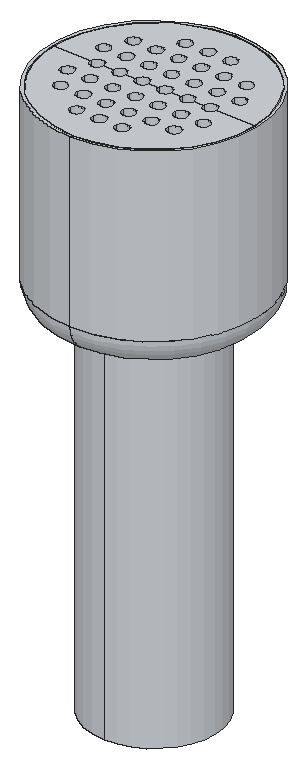
Revit family "RS425.70.4.129", category Sanitärinstallationen, Revit 2020
Family settings
  Bemaßung runder Anschluss = Durchmesser verwenden
  Teiletyp = Normal
  Arbeitsebenenbasiert = Nein
  Immer vertikal = Ja
  Beim Laden mit Abzugskörper schneiden = Nein
  Gemeinsam genutzt = Nein
  Raumberechnungspunkt = Nein
Parameters (values of type "DN70")
  Übergangsbride [instance] = no
  Vorgabe-Ansicht = 0 mm
  URL = "https://www.resitec.ch/"
  RS_s001 = 3 mm
  RS_dimH-Rost [instance] = RS_Rost_h1 - 38 mm  # 279 mm
  RS_dim001 = 122 mm
  RS_dim002 = RS_dim001  # 122 mm
  RS_dim003 = 25 mm
  RS_dia002 = 130 mm
  RS_dia001 = 129 mm
  RS_DVol-T = 300 mm
  RS_DVol-L = 300 mm
  RS_DN2 = 0 mm
  RS_DN1d = 76.1 mm
  RS_DN1 = 70 mm
  RS_AVol-T = 129 mm
  RS_AVol-L = 129 mm
  RS_AVol-H = 200 mm
  RS_URL = "https://resitec.ch/entwaesserungstechnik/glockensifons/?tx_resitecprodukte_produktliste%5Bprodukt%5D=71&tx_resitecprodukte_produktliste%5Baction%5D=show&tx_resitecprodukte_produktliste%5Bcontroller%5D=Produkt&cHash=81896261f04a31d1bb8fc8234e01d3bc"
  RS_Rost_h1 [instance] = 317 mm
  RS_Rost_Typ [instance] = "RS511.2.145"
  RS_Manufacture = "Resitec"  # constant formula
  RS_Description [instance] = "Glockensifon aus rostfreiem Stahl 1.4404 gebeizt, Typ RS 425/70, bestehend aus: Ablaufteil mit Abgang ø 63.5 mm, vertikal Lochrost 4 mm ø 124 mm aus rostfreiem Stahl 1.4301 gebeizt mit angeschweisster Glocke, barfuss begehbar und mit Rollstuhl befahrbar"  # constant formula
  RS_Articelnumber [instance] = "RS425.70.4.129"
  RS_Add_1 [instance] = ""
  Rückstaudichtung RS644.60 [instance] = no
  Höhe [instance] = 345 mm
  Hersteller = RS_Manufacture  # "Resitec"
  Description = ""
  Baugruppenkennzeichen = "D2030300"
  Anschlusswert DU L/s = 0
Types (4, lengths in mm): name | RS_DN1d | RS_DN1 | RS_URL | RS_Articelnumber
  (no name) | 76.1 | 70 | "https://resitec.ch/entwaesserungstechnik/glockensifons/?tx_resitecprodukte_produktliste%5Bprodukt%5D=71&tx_resitecprodukte_produktliste%5Baction%5D=show&tx_resitecprodukte_produktliste%5Bcontroller%5D=Produkt&cHash=81896261f04a31d1bb8fc8234e01d3bc" | "RS425.70.4.129"
  DN40 | 48 | 40 | "https://resitec.ch/entwaesserungstechnik/bodenablauf/?tx_resitecprodukte_produktliste%5Bprodukt%5D=1&tx_resitecprodukte_produktliste%5Baction%5D=show&tx_resitecprodukte_produktliste%5Bcontroller%5D=Produkt&cHash=cee8b11d3745fbe960417df4e1698a16" | "RS425.60.4.129"
  DN60 | 63 | 60 | "https://resitec.ch/entwaesserungstechnik/glockensifons/?tx_resitecprodukte_produktliste%5Bprodukt%5D=71&tx_resitecprodukte_produktliste%5Baction%5D=show&tx_resitecprodukte_produktliste%5Bcontroller%5D=Produkt&cHash=81896261f04a31d1bb8fc8234e01d3bc" | "RS425.60.4.129"
  DN70 | 76.1 | 70 | "https://resitec.ch/entwaesserungstechnik/glockensifons/?tx_resitecprodukte_produktliste%5Bprodukt%5D=71&tx_resitecprodukte_produktliste%5Baction%5D=show&tx_resitecprodukte_produktliste%5Bcontroller%5D=Produkt&cHash=81896261f04a31d1bb8fc8234e01d3bc" | "RS425.70.4.129"
Reference planes
  plane 1 "Mitte (Vorne/hinten)": y = 0
  plane 2: z = 0
  plane 3 "Mitte (Links/rechts)": x = 0
  plane 4: y = -64.5
  plane 5: y = 64.5
  plane 6: z = -122
  plane 7: z = -122
  plane 8: y = -38.05
  plane 9: y = 38.05
  plane 10: z = -345
Forms (mm)
  Revolve 1, solid
    sketch origin (0, 0, 0) x (0, 1, 0) y (0, 0, 1)
      loop
        line (0, -122.078) -> (0, -345) -> (38.05, -345) -> (38.05, -122.078) -> (0, -122.078)
      axis (0, -122.078) -> (0, -345)
    angle from 0 to 360
  Revolve 2, solid
    sketch origin (0, 0, 0) x (0, 1, 0) y (0, 0, 1)
      loop
        line (-64.5, 0) -> (-64.5, -105.204)
        arc (-64.5, -105.204) -> (-59.581, -117.081) -> (-47.704, -122) r 16.796
        line (-47.704, -122) -> (0, -122) -> (0, -120) -> (-49.772, -120)
        arc (-49.772, -120) -> (-58.772, -116.272) -> (-62.5, -107.272) r 12.728
        line (-62.5, -107.272) -> (-62.5, 0) -> (-64.5, 0)
      axis (0, -122) -> (0, 0)
    angle from 0 to 360
Dimensions and locks
  "RS_dia001": plane 4 to plane 5
  equal spacing: plane 4, plane 1 "Mitte (Vorne/hinten)", plane 5
  "RS_dim001": level to plane 7
  "RS_dim002": level to plane 6
  "RS_DN1d": plane 8 to plane 9
  equal spacing: plane 8, plane 1 "Mitte (Vorne/hinten)", plane 9
  "Höhe": level to plane 10
  Revolve 2 sketch curve to Revolve 2 sketch curve = 2 mm  (x2)
  radius of Revolve 2 sketch curve = 12.728 mm
  radius of Revolve 2 sketch curve = 16.796 mm
  aligned and locked: level to plane 2
  aligned and locked: nested 1 to level
  aligned and locked: Revolve 1 sketch curve to plane 1 "Mitte (Vorne/hinten)"
  aligned and locked: Revolve 1 sketch curve to plane 9
  aligned and locked: Revolve 1 sketch curve to Revolve 1 sketch curve
  aligned and locked: plane 10 to Revolve 1
  aligned and locked: level to Revolve 2 sketch curve
  aligned and locked: Revolve 2 sketch curve to plane 1 "Mitte (Vorne/hinten)"  (x2)
  aligned and locked: Revolve 2 sketch curve to plane 7
  aligned and locked: plane 4 to Revolve 2 sketch curve
Automatic sketch dimensions
  Revolve 1 sketch curve to plane 9 = 0 mm
  Revolve 1 sketch curve to plane 6 = 0 mm
  Revolve 1 sketch curve to plane 10 = 0 mm
  Revolve 1 sketch curve to Revolve 1 sketch curve = 187 mm
  Revolve 1 sketch curve to plane 6 = 0.078 mm
  Revolve 2 sketch curve to plane 6 = 20 mm
  level to Revolve 2 sketch curve = 13 mm
Nested families
  nested 1: "RS570" at (0, 0, 0), type "RS511.4.113"
Connectors
  piping at (0, 0, -345), diameter 70, driven by "RS_DN1"
    settings: on Revolve 1, index 1, connector inside diameter 609.6 mm, connector length 0 mm, flow factor 0, pipe flow 0.0 L/s, pressure drop 0.0 Pa, fitting loss kfactor 0, connector angle 0.00°, fixture units 0, engagement length 0 mm, angle of deflection 0.00°, flow configuration 0, flow direction 0, fitting loss method 0, system type 7, joint type 0, gender type 0, connector reference index -1, connector utility 0, adjustable connector no, is connector primary yes, connector description ""
Definition of nested family "RS570"
  Parameters (values of type "RS511.4.113")
    Default Elevation = 0 mm
    RS_dRosat = 125 mm
    RS_Hrost = 4.5 mm
  Reference planes
    plane 1 "Mitte (Vorne/hinten)": y = 0
    plane 2: z = 0
    plane 3 "Mitte (Links/rechts)": x = 0
    plane 4: z = -4.5
    plane 5: x = -62.5
    plane 6: x = 62.5
  Forms (mm)
    Revolve 1, solid
      sketch origin (0, 0, 0) x (1, 0, 0) y (0, 0, 1)
        loop
          line (-62.5, -4.5) -> (0, -4.5) -> (0, 0) -> (-62.5, 0) -> (-62.5, -4.5)
        axis (0, -4.5) -> (0, 0)
      angle from 0 to 360
    Extrusion 2, void
      sketch origin (0, 0, 0) x (1, 0, 0) y (0, 1, 0)
        loop
          circle (0, 42) r 4.018
        loop
          circle (14, 42) r 4.018
        loop
          circle (-14, 42) r 4.018
        loop
          circle (-7, 28) r 4.018
        loop
          circle (7, 28) r 4.018
        loop
          circle (-21, 28) r 4.018
        loop
          circle (-35, 28) r 4.018
        loop
          circle (35, 28) r 4.018
        loop
          circle (21, 28) r 4.018
        loop
          circle (0, 14) r 4.018
        loop
          circle (14, 14) r 4.018
        loop
          circle (-14, 14) r 4.018
        loop
          circle (-7, 0) r 4.018
        loop
          circle (7, 0) r 4.018
        loop
          circle (-21, 0) r 4.018
        loop
          circle (-35, 0) r 4.018
        loop
          circle (35, 0) r 4.018
        loop
          circle (21, 0) r 4.018
        loop
          circle (-28, 14) r 4.018
        loop
          circle (-42, 14) r 4.018
        loop
          circle (28, 14) r 4.018
        loop
          circle (42, 14) r 4.018
        loop
          circle (0, -42) r 4.018
        loop
          circle (-14, -42) r 4.018
        loop
          circle (14, -42) r 4.018
        loop
          circle (7, -28) r 4.018
        loop
          circle (-7, -28) r 4.018
        loop
          circle (21, -28) r 4.018
        loop
          circle (35, -28) r 4.018
        loop
          circle (-35, -28) r 4.018
        loop
          circle (-21, -28) r 4.018
        loop
          circle (0, -14) r 4.018
        loop
          circle (-14, -14) r 4.018
        loop
          circle (14, -14) r 4.018
        loop
          circle (28, -14) r 4.018
        loop
          circle (42, -14) r 4.018
        loop
          circle (-28, -14) r 4.018
        loop
          circle (-42, -14) r 4.018
      from -4.5 to 0
  Cuts and joins
    Extrusion 2 cuts Revolve 1
  Lines and regions (mm)
    reference lines
      curve 1: line (-80.52, 14, 0) -> (77.479, 14, 0)
      curve 2: line (-80.52, 28, 0) -> (77.479, 28, 0)
      curve 3: line (-80.52, 42, 0) -> (77.479, 42, 0)
  Dimensions and locks
    "RS_Hrost": level to plane 4
    "RS_dRosat": plane 6 to plane 5
    equal spacing: plane 6, plane 3 "Mitte (Links/rechts)", plane 5
    plane 1 "Mitte (Vorne/hinten)" to curve 1 = 14 mm
    curve 1 to curve 2 = 14 mm
    curve 2 to curve 3 = 14 mm
    radius of Extrusion 2 sketch curve = 4.018 mm  (x38)
    aligned and locked: level to plane 2
    aligned and locked: Extrusion 2 to plane 4
    aligned and locked: level to Extrusion 2
  Automatic sketch dimensions
    curve 3 to plane 5 = 18.02 mm
    curve 2 to curve 3 = 0 mm
    curve 1 to curve 2 = 0 mm  (x2)
    plane 6 to curve 2 = 14.979 mm
    curve 3 to curve 2 = 0 mm
    plane 1 "Mitte (Vorne/hinten)" to Extrusion 2 sketch curve = 0 mm  (x6)
    Extrusion 2 sketch curve to plane 3 "Mitte (Links/rechts)" = 0 mm  (x4)
    Extrusion 2 sketch curve to plane 3 "Mitte (Links/rechts)" = 7 mm  (x3)
    Extrusion 2 sketch curve to plane 3 "Mitte (Links/rechts)" = 14 mm  (x4)
    Extrusion 2 sketch curve to Extrusion 2 sketch curve = 14 mm  (x26)
    plane 3 "Mitte (Links/rechts)" to Extrusion 2 sketch curve = 7 mm  (x3)
    plane 3 "Mitte (Links/rechts)" to Extrusion 2 sketch curve = 14 mm  (x4)
    plane 1 "Mitte (Vorne/hinten)" to Extrusion 2 sketch curve = 14 mm  (x3)
    Extrusion 2 sketch curve to Extrusion 2 sketch curve = 0 mm  (x21)
    Extrusion 2 sketch curve to plane 1 "Mitte (Vorne/hinten)" = 14 mm  (x2)
    Revolve 1 sketch curve to plane 4 = 0 mm  (x2)
    Revolve 1 sketch curve to plane 5 = 0 mm
    Revolve 1 sketch curve to level = 0 mm
    Revolve 1 sketch curve to plane 3 "Mitte (Links/rechts)" = 0 mm  (x2)
    level to Revolve 1 sketch curve = 6.445 mm
